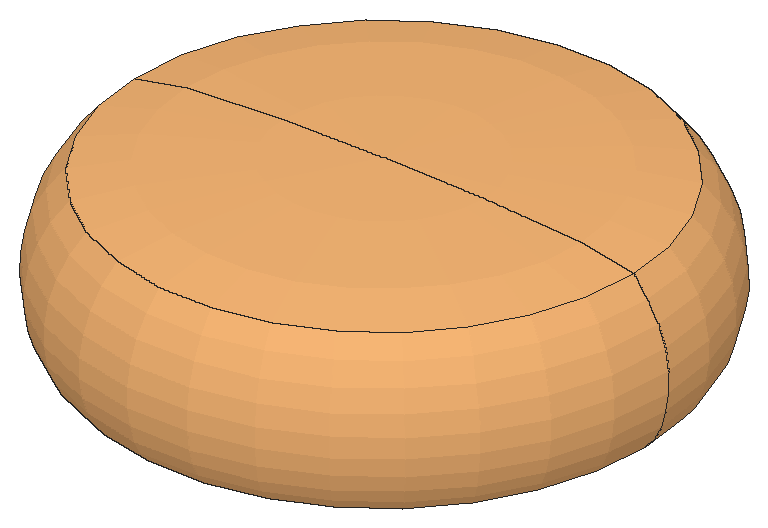
Revit family "Arper_Pix_137_Outdoor_lounge_3seats_3024", category Arredi, Revit 2014
Parameters
  URL = "http://www.arper.com"
  Produttore = "ARPER s.p.a."  # constant formula
  Modello = "Pix 137 Outdoor"  # constant formula
  Descrizione = "Three seater ottoman. Upholstery available in fabric, leather, faux\r\nleather or customer's material. Fitted with glides. Diameter 137 cm."
  Copyright [instance] = "ARPER s.p.a."  # constant formula
  Arper - Glides material [instance] = Arper - generic glides
  Arper - Cover material [instance] = Arper - generic texture
  Arper - Article code [instance] = "art.3024"  # constant formula
Reference planes
  plane 1 "Centro (Fronte/Retro)": y = 0
  plane 2: z = 0
  plane 3 "Centro (Sinistra/Destra)": x = 0
Forms (mm)
  Revolve 1, solid, material "Arper - generic texture" <- "Arper - Cover material"
    sketch origin (0, 0, 0) x (1, 0, 0) y (0, 0, 1)
      loop
        line (0, 439) -> (0, 18.867) -> (580.651, 18.867)
        spline (580.651, 18.867) -> (604.194, 21.714) -> (626.034, 33.701) -> (645.486, 53.66) -> (661.866, 80.421) -> (674.486, 112.814) -> (682.662, 149.669) -> (685.708, 189.817) -> (682.938, 232.087) -> (673.668, 275.31) -> (657.21, 318.317) -> (632.88, 359.937) -> (599.992, 399)
        spline (599.992, 399) -> (584.459, 405.502) -> (557.462, 411.507) -> (520.56, 416.992) -> (475.311, 421.931) -> (423.276, 426.303) -> (366.015, 430.083) -> (305.085, 433.247) -> (242.047, 435.771) -> (178.46, 437.632) -> (115.884, 438.807) -> (55.877, 439.271) -> (0, 439)
      axis (0, 439) -> (0, 18.867)
    angle from 0 to 360
  Extrusion 2, solid, material "Arper - generic glides" <- "Arper - Glides material"
    sketch origin (222.638, -228.89, 0) x (1, 0, 0) y (0, 1, 0)
      loop
        circle (302.362, 228.89) r 29
    from 0 to 25
  Extrusion 3, solid, material "Arper - generic glides" <- "Arper - Glides material"
    sketch origin (-302.362, -228.89, 0) x (1, 0, 0) y (0, 1, 0)
      loop
        circle (302.362, 228.89) r 29
    from 0 to 25
  Extrusion 4, solid, material "Arper - generic glides" <- "Arper - Glides material"
    sketch origin (-222.638, -228.89, 0) x (-1, 0, 0) y (0, -1, 0)
      loop
        circle (302.362, -228.89) r 29
    from 0 to 25
  Extrusion 5, solid, material "Arper - generic glides" <- "Arper - Glides material"
    sketch origin (-228.89, -222.638, 0) x (0, -1, 0) y (1, 0, 0)
      loop
        circle (302.362, 228.89) r 29
    from 0 to 25
  Extrusion 6, solid, material "Arper - generic glides" <- "Arper - Glides material"
    sketch origin (-228.89, 222.638, 0) x (0, 1, 0) y (-1, 0, 0)
      loop
        circle (302.362, -228.89) r 29
    from 0 to 25
Dimensions and locks
  aligned and locked: level to plane 2
